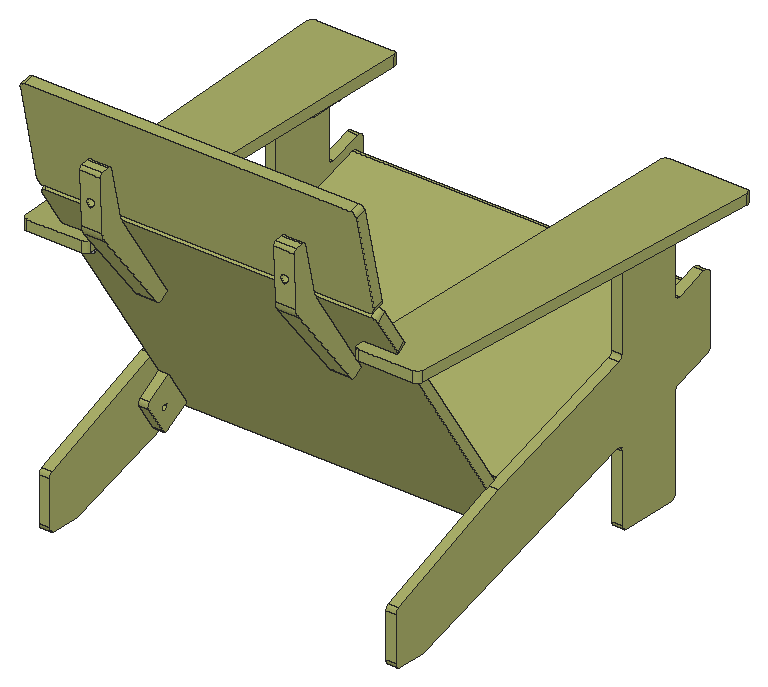
Revit family "Lollygagger Kids Lounge", category Furniture, Revit 2016 (continued)
Automatic sketch dimensions
  Extrusion 11 sketch curve to Extrusion 11 sketch curve = 0.13743"
  Extrusion 11 sketch curve to Extrusion 11 sketch curve = 0.17038"
  Extrusion 11 sketch curve to Extrusion 11 sketch curve = 2.3256"
  Extrusion 11 sketch curve to Extrusion 11 sketch curve = 0.04003"
  Extrusion 11 sketch curve to Extrusion 11 sketch curve = 0.11539"
  Extrusion 11 sketch curve to Extrusion 11 sketch curve = 0.05551"
  Extrusion 11 sketch curve to Extrusion 11 sketch curve = 0.42241"
  Extrusion 11 sketch curve to Extrusion 11 sketch curve = 4.81509"
  Extrusion 11 sketch curve to Extrusion 11 sketch curve = 0.02885"
  Extrusion 11 sketch curve to Extrusion 11 sketch curve = 0.04516"
  Extrusion 11 sketch curve to Extrusion 11 sketch curve = 0.07928"
  Extrusion 11 sketch curve to Extrusion 11 sketch curve = 0.07358"
  Extrusion 11 sketch curve to Extrusion 11 sketch curve = 0.1605"
  Extrusion 11 sketch curve to Extrusion 11 sketch curve = 0.05042"
  Extrusion 11 sketch curve to Extrusion 11 sketch curve = 0.34723"
  Extrusion 11 sketch curve to Extrusion 11 sketch curve = 0.05842"
  Extrusion 11 sketch curve to Extrusion 11 sketch curve = 0.97945"
  Extrusion 11 sketch curve to Extrusion 11 sketch curve = 0.31703"
  Extrusion 11 sketch curve to Extrusion 11 sketch curve = 0.45056"
  Extrusion 11 sketch curve to Extrusion 11 sketch curve = 0.367"
  Extrusion 11 sketch curve to Extrusion 11 sketch curve = 0.61066"
  Extrusion 13 sketch curve to Extrusion 13 sketch curve = 0.08714"
  Extrusion 13 sketch curve to Extrusion 13 sketch curve = 0.13743"
  Extrusion 13 sketch curve to Extrusion 13 sketch curve = 0.17038"
  Extrusion 13 sketch curve to Extrusion 13 sketch curve = 2.3256"
  Extrusion 13 sketch curve to Extrusion 13 sketch curve = 0.04003"
  Extrusion 13 sketch curve to Extrusion 13 sketch curve = 0.11539"
  Extrusion 13 sketch curve to Extrusion 13 sketch curve = 0.05551"
  Extrusion 13 sketch curve to Extrusion 13 sketch curve = 0.42241"
  Extrusion 13 sketch curve to Extrusion 13 sketch curve = 4.81509"
  Extrusion 13 sketch curve to Extrusion 13 sketch curve = 0.02885"
  Extrusion 13 sketch curve to Extrusion 13 sketch curve = 0.04516"
  Extrusion 13 sketch curve to Extrusion 13 sketch curve = 0.07928"
  Extrusion 13 sketch curve to Extrusion 13 sketch curve = 0.07358"
  Extrusion 13 sketch curve to Extrusion 13 sketch curve = 0.1605"
  Extrusion 13 sketch curve to Extrusion 13 sketch curve = 0.05042"
  Extrusion 13 sketch curve to Extrusion 13 sketch curve = 0.34723"
  Extrusion 13 sketch curve to Extrusion 13 sketch curve = 0.05842"
  Extrusion 13 sketch curve to Extrusion 13 sketch curve = 0.97945"
  Extrusion 13 sketch curve to Extrusion 13 sketch curve = 0.31703"
  Extrusion 13 sketch curve to Extrusion 13 sketch curve = 0.45056"
  Extrusion 13 sketch curve to Extrusion 13 sketch curve = 0.367"
  Extrusion 13 sketch curve to Extrusion 13 sketch curve = 0.61066"
  Extrusion 6 sketch curve to Extrusion 6 sketch curve = 0.17275"
  Extrusion 6 sketch curve to Extrusion 6 sketch curve = 4.57997"
  Extrusion 6 sketch curve to Extrusion 6 sketch curve = 0.09365"
  Extrusion 7 sketch curve to Extrusion 7 sketch curve = 0.17275"
  Extrusion 7 sketch curve to Extrusion 7 sketch curve = 4.57997"
  Extrusion 7 sketch curve to Extrusion 7 sketch curve = 0.09365"
  Extrusion 24 sketch curve to Extrusion 24 sketch curve = 3/256"
  Extrusion 24 sketch curve to Extrusion 24 sketch curve = 0.19981"
  Extrusion 24 sketch curve to Extrusion 24 sketch curve = 0.28849"  (x2)
  Extrusion 24 sketch curve to Extrusion 24 sketch curve = 0.15227"
  Extrusion 24 sketch curve to Extrusion 24 sketch curve = 0.12323"
  Extrusion 24 sketch curve to Extrusion 24 sketch curve = 0"  (x4)
  Extrusion 24 sketch curve to Extrusion 24 sketch curve = 0.14563"
  Extrusion 24 sketch curve to Extrusion 24 sketch curve = 0.33442"
  Extrusion 24 sketch curve to Extrusion 24 sketch curve = 0.16558"
  Extrusion 24 sketch curve to Extrusion 24 sketch curve = 0.464"
  Extrusion 24 sketch curve to Extrusion 24 sketch curve = 0.46776"
  Extrusion 24 sketch curve to Extrusion 24 sketch curve = 0.23733"
  curve 49 to plane 5 = 0"
  curve 49 to plane 8 = 0"
  curve 54 to plane 7 = 0"
  curve 58 to plane 4 = 0"
  curve 38 to plane 8 = 1/8"
  curve 48 to plane 8 = 1/4"
  curve 43 to plane 8 = 1/4"
  curve 44 to curve 41 = 0"
  curve 38 to curve 38 = 1 5/16"
  curve 37 to curve 32 = 1/4"
  plane 7 to curve 50 = 1 11/16"
  curve 50 to curve 52 = 1/4"
  plane 7 to curve 48 = 1/4"
  plane 7 to curve 43 = 1/4"
  curve 44 to curve 43 = 0"
  plane 7 to curve 52 = 1/8"
  curve 47 to curve 40 = 0.05624"
  curve 48 to curve 54 = 0.05624"
  plane 11 to curve 44 = 0.69304"
  curve 42 to curve 43 = 0.0439"
  curve 58 to curve 54 = 1.48771"
  curve 49 to curve 40 = 1.48771"
  curve 53 to curve 52 = 0.06808"
  curve 39 to curve 38 = 0.06808"
  curve 51 to curve 50 = 0.13616"
  curve 38 to curve 32 = 0.13616"
  curve 33 to curve 32 = 0"
  curve 33 to curve 50 = 0"
  curve 45 to curve 45 = 0.05624"
  curve 42 to curve 42 = 0.05624"
  curve 56 to curve 45 = 0"
  curve 42 to curve 41 = 0.23629"
  curve 46 to curve 55 = 0.13616"
  curve 46 to curve 55 = 0"
  curve 50 to curve 36 = 0.38285"
  curve 35 to curve 34 = 0.13025"
  curve 50 to plane 6 = 1/4"
  curve 32 to plane 6 = 1/4"
  curve 33 to plane 6 = 0.1139"
  plane 5 to curve 16 = 0"
  plane 8 to curve 12 = 0"
  plane 8 to curve 16 = 0"
  plane 8 to curve 20 = 0"
  curve 3 to plane 10 = 0"
  plane 7 to curve 4 = 0"
  plane 7 to curve 11 = 0"
  plane 7 to curve 1 = 0"
  plane 4 to curve 10 = 0"
  curve 13 to plane 8 = 1/8"
  curve 19 to plane 10 = 1/2"
  curve 19 to plane 8 = 1 3/16"
  plane 9 to curve 13 = 0.2652"
  curve 19 to curve 13 = 1/4"
  curve 14 to curve 21 = 1/4"
  curve 15 to curve 20 = 0"
  curve 2 to curve 1 = 1 11/16"
  curve 7 to curve 1 = 0"
  curve 7 to curve 5 = 1/4"
  curve 2 to curve 8 = 1/2"
  plane 7 to curve 5 = 1/8"
  curve 11 to plane 10 = 1/2"
  plane 9 to curve 15 = 0.05553"
  plane 9 to curve 7 = 0.05553"
  curve 6 to curve 5 = 0.20967"
  plane 5 to curve 22 = 0.883"
  curve 3 to plane 4 = 0.883"
  curve 16 to curve 17 = 0.5564"
  curve 10 to curve 8 = 0.5564"
  level to curve 11 = 0.25498"
  level to curve 17 = 0.25498"
  curve 15 to curve 20 = 0.24287"
  curve 7 to curve 1 = 0.24287"
  curve 4 to curve 4 = 0.10483"
  curve 13 to curve 12 = 0.10483"
  curve 28 to plane 10 = 0"
  curve 27 to plane 9 = 0"
  plane 11 to curve 24 = 0.69574"
  curve 28 to plane 11 = 0.13729"
  curve 30 to plane 11 = 1.43239"
  curve 30 to plane 10 = 0.76138"
  plane 9 to curve 23 = 2.24517"
  plane 11 to curve 23 = 1.27059"
  plane 9 to curve 25 = 0.1339"
  curve 26 to curve 25 = 0.53804"
  curve 24 to curve 30 = 0.17566"
  curve 30 to curve 31 = 0.14905"
  plane 9 to curve 25 = 0.40622"
  curve 25 to curve 26 = 0.2638"
  curve 31 to curve 28 = 0.59618"
  curve 31 to plane 10 = 1.67292"
  curve 60 to plane 1 "Center Front/Back" = 1.85873"
  curve 60 to curve 60 = 0.48577"
  curve 59 to plane 6 = 5.275"
  curve 59 to plane 6 = 2.1"
  level to curve 60 = 5.16845"
  curve 60 to curve 60 = 0.17001"
  curve 23 to curve 23 = 2.48997"
  Masking region 1 sketch curve to plane 5 = 0"
  Masking region 1 sketch curve to plane 8 = 0"
  Masking region 1 sketch curve to plane 7 = 0"
  Masking region 1 sketch curve to plane 4 = 0"
  plane 11 to Masking region 1 sketch curve = 0"  (x2)
  Masking region 1 sketch curve to plane 11 = 0.13729"
  plane 5 to Masking region 1 sketch curve = 0.7029"
  Masking region 1 sketch curve to plane 11 = 0.37302"  (x2)
  Masking region 1 sketch curve to Masking region 1 sketch curve = 0.24959"  (x3)
  plane 5 to Masking region 1 sketch curve = 1.74663"
  Masking region 1 sketch curve to plane 6 = 0.26978"
  Masking region 1 sketch curve to Masking region 1 sketch curve = 0.25035"
  Masking region 1 sketch curve to plane 8 = 1/4"
  Masking region 1 sketch curve to plane 6 = 1/4"
  Masking region 1 sketch curve to plane 8 = 1 7/16"
  Masking region 1 sketch curve to plane 6 = 0.1139"
  plane 7 to Masking region 1 sketch curve = 1.6472"
  Masking region 1 sketch curve to Masking region 1 sketch curve = 0.2097"
  plane 7 to Masking region 1 sketch curve = 1/4"
  Masking region 1 sketch curve to plane 11 = 0.38729"
  Masking region 1 sketch curve to plane 4 = 0.70387"
  Masking region 1 sketch curve to plane 4 = 1.74868"
  Masking region 1 sketch curve to plane 6 = 0.26427"
  Masking region 1 sketch curve to Masking region 1 sketch curve = 1.79667"  (x2)
  Masking region 1 sketch curve to Masking region 1 sketch curve = 0.05624"
  Masking region 2 sketch curve to level = 0"  (x2)
  Masking region 2 sketch curve to plane 9 = 0"
  Masking region 2 sketch curve to plane 10 = 0"  (x2)
  Masking region 2 sketch curve to plane 6 = 0"  (x2)
  plane 11 to Masking region 2 sketch curve = 0.19673"
  Masking region 2 sketch curve to Masking region 2 sketch curve = 0.04423"
  Masking region 2 sketch curve to Masking region 2 sketch curve = 0.41934"
  Masking region 2 sketch curve to Masking region 2 sketch curve = 0.07967"
  Masking region 2 sketch curve to Masking region 2 sketch curve = 0.0304"
  Masking region 2 sketch curve to Masking region 2 sketch curve = 0.37697"
  plane 11 to Masking region 2 sketch curve = 1.27059"
  plane 11 to Masking region 2 sketch curve = 1.36572"
  plane 9 to Masking region 2 sketch curve = 1.6139"
  Masking region 2 sketch curve to Masking region 2 sketch curve = 0.40015"
  Masking region 2 sketch curve to Masking region 2 sketch curve = 0.03921"
  Masking region 2 sketch curve to Masking region 2 sketch curve = 0.15067"
  Masking region 2 sketch curve to Masking region 2 sketch curve = 0.17421"
  Masking region 2 sketch curve to Masking region 2 sketch curve = 0.48719"
  Masking region 2 sketch curve to plane 11 = 0.15473"
  Masking region 2 sketch curve to plane 11 = 0.23476"
  Masking region 2 sketch curve to plane 11 = 0.24741"
  Masking region 2 sketch curve to plane 11 = 1.66268"
  Masking region 2 sketch curve to Masking region 2 sketch curve = 0.50018"
  Masking region 2 sketch curve to Masking region 2 sketch curve = 0.07578"  (x2)
  Masking region 2 sketch curve to Masking region 2 sketch curve = 0.07725"  (x3)
  Masking region 2 sketch curve to Masking region 2 sketch curve = 1/4"  (x6)
  level to Masking region 2 sketch curve = 1/4"
  Masking region 2 sketch curve to plane 6 = 2.35"
  Masking region 2 sketch curve to plane 6 = 2.1"
  Masking region 2 sketch curve to Masking region 2 sketch curve = 0.17422"
  Masking region 2 sketch curve to plane 6 = 0.32725"
  Masking region 2 sketch curve to plane 6 = 0.17422"
  Masking region 2 sketch curve to Masking region 2 sketch curve = 1.16896"
  Masking region 2 sketch curve to Masking region 2 sketch curve = 0.55715"
  Masking region 2 sketch curve to Masking region 2 sketch curve = 3.70223"
  Masking region 2 sketch curve to Masking region 2 sketch curve = 2.93196"
  Masking region 2 sketch curve to Masking region 2 sketch curve = 0.2319"
  Masking region 2 sketch curve to Masking region 2 sketch curve = 0.40985"
  Masking region 2 sketch curve to Masking region 2 sketch curve = 0.17546"
  Masking region 3 sketch curve to plane 10 = 0"  (x2)
  Masking region 3 sketch curve to plane 9 = 0"  (x2)
  plane 5 to Masking region 3 sketch curve = 0"
  plane 8 to Masking region 3 sketch curve = 0"  (x2)
  plane 7 to Masking region 3 sketch curve = 0"  (x2)
  plane 4 to Masking region 3 sketch curve = 0"
  Masking region 3 sketch curve to level = 0"  (x2)
  plane 5 to Masking region 3 sketch curve = 2.17281"
  plane 8 to Masking region 3 sketch curve = 0.00695"
  Masking region 3 sketch curve to plane 8 = 1/4"
  Masking region 3 sketch curve to plane 8 = 1/2"
  plane 7 to Masking region 3 sketch curve = 1/2"
  plane 7 to Masking region 3 sketch curve = 1/4"
  plane 7 to Masking region 3 sketch curve = 0.00453"
  Masking region 3 sketch curve to plane 4 = 2.17281"
  Masking region 3 sketch curve to Masking region 3 sketch curve = 0.44153"
  plane 9 to Masking region 3 sketch curve = 2.1851"
  plane 9 to Masking region 3 sketch curve = 2.18818"
  Masking region 3 sketch curve to Masking region 3 sketch curve = 0.44187"
  Masking region 3 sketch curve to Masking region 3 sketch curve = 0.43879"
  Masking region 3 sketch curve to Masking region 3 sketch curve = 0.24359"  (x2)
  Masking region 3 sketch curve to plane 8 = 0.1912"
  Masking region 3 sketch curve to Masking region 3 sketch curve = 0.05185"
  Masking region 3 sketch curve to Masking region 3 sketch curve = 0.0588"
  Masking region 3 sketch curve to Masking region 3 sketch curve = 1/4"  (x2)
  plane 7 to Masking region 3 sketch curve = 0.18948"
  Masking region 3 sketch curve to Masking region 3 sketch curve = 0.20511"
  Masking region 3 sketch curve to Masking region 3 sketch curve = 0.20244"
  Extrusion 2 sketch curve to plane 7 = 0"  (x2)
  Extrusion 2 sketch curve to plane 8 = 0"  (x2)
  plane 4 to Extrusion 2 sketch curve = 1/4"  (x2)
  plane 4 to Extrusion 2 sketch curve = 1/8"
  plane 7 to Extrusion 2 sketch curve = 1/8"  (x2)
  plane 7 to Extrusion 2 sketch curve = 1/4"
  Extrusion 2 sketch curve to Extrusion 2 sketch curve = 1 5/16"
  Extrusion 2 sketch curve to Extrusion 2 sketch curve = 0"
  Extrusion 2 sketch curve to Extrusion 2 sketch curve = 1/4"  (x4)
  Extrusion 2 sketch curve to plane 8 = 1 11/16"
  Extrusion 2 sketch curve to plane 8 = 1/8"  (x2)
  Extrusion 2 sketch curve to plane 5 = 1/4"  (x2)
  Extrusion 2 sketch curve to Extrusion 2 sketch curve = 1/8"
  Extrusion 2 sketch curve to Extrusion 2 sketch curve = 2 3/4"  (x2)
  Extrusion 2 sketch curve to Extrusion 2 sketch curve = 9.23725"  (x2)
  Extrusion 2 sketch curve to Extrusion 2 sketch curve = 0.13803"  (x2)
  Extrusion 2 sketch curve to Extrusion 2 sketch curve = 2.12411"
  Extrusion 5 sketch curve to plane 8 = 0"
  Extrusion 5 sketch curve to plane 7 = 0"
  Extrusion 5 sketch curve to Extrusion 5 sketch curve = 11.95944"
  Extrusion 8 sketch curve to plane 7 = 0"
  Extrusion 8 sketch curve to plane 8 = 0"
  plane 7 to Extrusion 8 sketch curve = 1/4"
  Extrusion 8 sketch curve to Extrusion 8 sketch curve = 1/4"  (x2)
  Extrusion 8 sketch curve to plane 8 = 1/4"
  Extrusion 8 sketch curve to Extrusion 8 sketch curve = 4 1/2"
  plane 7 to Extrusion 9 sketch curve = 0"
  plane 8 to Extrusion 9 sketch curve = 0"
  level to Extrusion 9 sketch curve = 4.08169"
  Extrusion 9 sketch curve to Extrusion 9 sketch curve = 3 1/2"
  Extrusion 23 sketch curve to Extrusion 7 = 0.35665"
  Extrusion 23 sketch curve to Extrusion 23 sketch curve = 0.06186"  (x3)
  Extrusion 23 sketch curve to Extrusion 23 sketch curve = 0.03055"
  Extrusion 23 sketch curve to Extrusion 23 sketch curve = 0.0621"
  Extrusion 23 sketch curve to Extrusion 23 sketch curve = 0.19038"
  Extrusion 23 sketch curve to Extrusion 23 sketch curve = 0.03128"
  Extrusion 23 sketch curve to Extrusion 23 sketch curve = 0.19111"
  Extrusion 23 sketch curve to Extrusion 7 = 4.39551"
  Extrusion 23 sketch curve to Extrusion 23 sketch curve = 0.0938"
  Extrusion 23 sketch curve to Extrusion 23 sketch curve = 0.09404"
  Extrusion 25 sketch curve to plane 1 "Center Front/Back" = 1.17739"
  Extrusion 25 sketch curve to Extrusion 25 sketch curve = 0.07351"  (x2)
  Extrusion 25 sketch curve to Extrusion 25 sketch curve = 0.20967"  (x2)
  Extrusion 25 sketch curve to Extrusion 25 sketch curve = 0.81696"
  Extrusion 25 sketch curve to Extrusion 25 sketch curve = 0.72258"
  Extrusion 25 sketch curve to Extrusion 25 sketch curve = 0.13616"
  Extrusion 25 sketch curve to Extrusion 25 sketch curve = 1.10076"  (x2)
  level to Extrusion 25 sketch curve = 1 217/256"
  Extrusion 25 sketch curve to Extrusion 25 sketch curve = 183/256"
  Extrusion 25 sketch curve to Extrusion 25 sketch curve = 0.83303"
  Extrusion 25 sketch curve to Extrusion 25 sketch curve = 0.34583"
  Extrusion 26 sketch curve to plane 6 = 5.53724"
  Extrusion 26 sketch curve to Extrusion 26 sketch curve = 0.54582"
  Extrusion 26 sketch curve to Extrusion 26 sketch curve = 0.25012"
  Extrusion 26 sketch curve to Extrusion 26 sketch curve = 0.53493"
  Extrusion 26 sketch curve to Extrusion 26 sketch curve = 0.57125"
  Extrusion 26 sketch curve to Extrusion 26 sketch curve = 0.0982"
  Extrusion 26 sketch curve to Extrusion 26 sketch curve = 0.24417"
  Extrusion 26 sketch curve to Extrusion 26 sketch curve = 1.23138"
  level to Extrusion 26 sketch curve = 4.62149"
  Extrusion 26 sketch curve to Extrusion 26 sketch curve = 0.18172"
  Extrusion 26 sketch curve to Extrusion 26 sketch curve = 0.7385"
  Extrusion 26 sketch curve to Extrusion 26 sketch curve = 0.86009"
  Extrusion 26 sketch curve to Extrusion 26 sketch curve = 0.1774"
  Extrusion 27 sketch curve to plane 1 "Center Front/Back" = 3.97505"
  level to Extrusion 27 sketch curve = 4.78433"
  Extrusion 27 sketch curve to Extrusion 27 sketch curve = 0.27288"
  Extrusion 27 sketch curve to Extrusion 27 sketch curve = 0.24454"  (x2)
  Extrusion 27 sketch curve to Extrusion 27 sketch curve = 0.05198"  (x4)
  Extrusion 27 sketch curve to Extrusion 27 sketch curve = 0.65529"
  Extrusion 27 sketch curve to Extrusion 27 sketch curve = 0.78358"
  Extrusion 27 sketch curve to Extrusion 27 sketch curve = 0.81193"
  Extrusion 27 sketch curve to Extrusion 27 sketch curve = 0.70909"
  Extrusion 27 sketch curve to Extrusion 27 sketch curve = 0.1589"
  Extrusion 29 sketch curve to Extrusion 29 sketch curve = 0"  (x2)
  Extrusion 2 to Extrusion 29 sketch curve = 0.35"
  Extrusion 29 sketch curve to Extrusion 2 = 0.15376"
  Extrusion 29 sketch curve to Extrusion 29 sketch curve = 3/256"
  Extrusion 29 sketch curve to Extrusion 2 = 0.09655"
  Extrusion 29 sketch curve to Extrusion 29 sketch curve = 0.19981"
  Extrusion 29 sketch curve to Extrusion 29 sketch curve = 0.28849"  (x2)
  Extrusion 29 sketch curve to Extrusion 2 = 0.09247"
  Extrusion 29 sketch curve to Extrusion 2 = 0.50308"
  Extrusion 29 sketch curve to Extrusion 2 = 0.15751"
  Extrusion 29 sketch curve to Extrusion 29 sketch curve = 0.15227"
  Extrusion 2 to Extrusion 29 sketch curve = 0.14486"
  Extrusion 29 sketch curve to Extrusion 2 = 0.49828"
  Extrusion 29 sketch curve to Extrusion 29 sketch curve = 0.12323"
  Extrusion 4 to Extrusion 30 sketch curve = 1/2"
  Extrusion 30 sketch curve to Extrusion 30 sketch curve = 1/4"  (x2)
  Extrusion 30 sketch curve to Extrusion 30 sketch curve = 0.37635"
  Extrusion 30 sketch curve to Extrusion 30 sketch curve = 15/16"
  Extrusion 4 to Extrusion 30 sketch curve = 4.67226"
  Extrusion 30 sketch curve to Extrusion 30 sketch curve = 0.75099"
  Extrusion 30 sketch curve to Extrusion 30 sketch curve = 0.74901"
  Extrusion 4 to Extrusion 31 sketch curve = 2.67226"
  Extrusion 31 sketch curve to Extrusion 4 = 14 9/16"
  Extrusion 31 sketch curve to Extrusion 31 sketch curve = 0.56115"
  Extrusion 31 sketch curve to Extrusion 31 sketch curve = 15/16"
  Extrusion 31 sketch curve to Extrusion 31 sketch curve = 0.37635"
  Extrusion 31 sketch curve to Extrusion 31 sketch curve = 1/4"
  Extrusion 31 sketch curve to Extrusion 31 sketch curve = 0.74901"
  Extrusion 31 sketch curve to Extrusion 31 sketch curve = 0.75099"
  radius of Extrusion 17 sketch curve = 0.15496"
  radius of Extrusion 18 sketch curve = 0.15469"
  radius of Extrusion 20 sketch curve = 0.15467"
  radius of Extrusion 21 sketch curve = 0.15496"
  radius of Extrusion 22 sketch curve = 0.15469"
  radius of Extrusion 14 sketch curve = 0.19231"
  radius of Extrusion 12 sketch curve = 0.19231"
  radius of Extrusion 16 sketch curve = 0.19231"
  radius of Extrusion 24 sketch curve = 0.14546"
  radius of Extrusion 25 sketch curve = 0.15467"
  radius of Extrusion 26 sketch curve = 0.15496"
  radius of Extrusion 27 sketch curve = 0.15469"
  radius of Extrusion 29 sketch curve = 0.14546"
  radius of Extrusion 30 sketch curve = 0.15431"
  radius of Extrusion 31 sketch curve = 0.15431"
Types (11): name | Finish Material
  Loll-Black | Loll-Black
  Loll-Sunset | Loll-Sunset
  Loll-Chocolate | Loll-Chocolate
  Loll-Sky | Loll-Sky
  Loll-Apple | Loll-Apple
  Loll-Leaf | Loll-Leaf
  Loll-Evergreen | Loll-Evergreen
  Loll-Charcoal | Loll-Charcoal
  Loll-Sand | Loll-Sand
  Loll-Navy Blue | Loll-Navy Blue
  Loll-White | Loll-White
